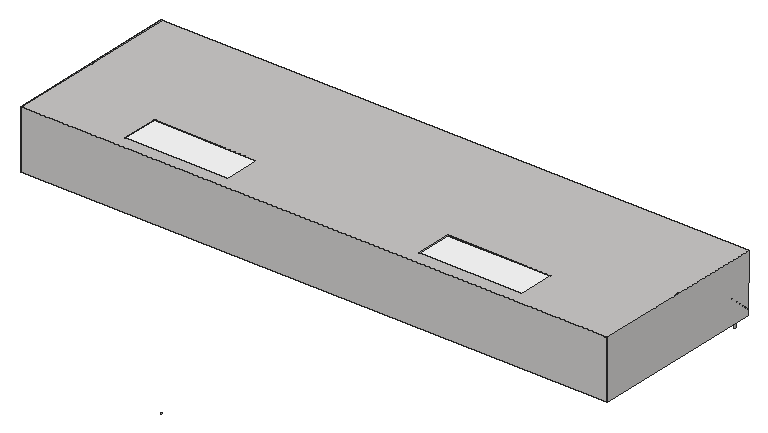
Revit family "QF_ELECTROLUXPROFESSIONAL_640195_EPF1240", category Attrezzature speciali, Revit 2021
Family settings
  Quota connettore circolare = Usa diametro
  Tipo di parte = Normale
  Basato su piano di lavoro = No
  Sempre verticale = Sì
  Taglio con vuoti quando caricato = No
  Condiviso = No
  Punto di calcolo locali = No
Parameters (values of type "Standard")
  Weight = 90.00 kg
  Watts = 0 W
  Volts = 0 V
  URL Manufacturer = "https://www.electroluxprofessional.com/"
  URL = "https://www.electroluxprofessional.com/"
  Steam Supply Size = 0 mm
  Steam Supply Minimum Pressure = 0.0 Pa
  Steam Supply Maximum Pressure = 0.0 Pa
  Steam Consumption per Hour = 0
  Refrigeration Suction Line Size = 0 mm
  Refrigeration Liquid Line Size = 0 mm
  Refrigerant Compressor Remote = yes
  Prospetto di default = 0 mm
  Produttore = "Electrolux Professional"
  Phase = 0
  Modello = "EPF1240"
  Length Actual = 4000 mm  # constant formula
  Item Number = "640195"
  Hot Water Size = 0 mm
  Height Actual = 400 mm  # constant formula
  HP = "0 HP"
  Gas Size = 0 mm
  Gas KW = 0
  Gas Input Pressure = 0 W
  Direct Waste Size = 0 mm
  Descrizione = "304 S/S WALL HOOD+FILTERS 400X120 CM"
  Depth Actual = 1200 mm  # constant formula
  Cycle = 0 Hz
  Condensate Return Size = 0 mm
  Compressed Air Volume = 0.0 L/s
  Compressed Air Size = 0 mm
  Compressed Air Pressure = 0.0 Pa
  Cold Water Size = 0 mm
  Accessory = yes
Reference planes
  plane 1: z = 0
  plane 2 "Center (Left/Right)": x = 150
  plane 3 "LEFT": x = -1850
  plane 4 "RIGHT": x = 2150
  plane 5 "BACK": y = 550
  plane 6 "TOP": z = 2400
  plane 7 "Base": z = 2000
  plane 8: z = 1970
  plane 9 "DrainY": y = 450
  plane 10: x = -1847
  plane 11: y = -320
  plane 12: y = -570
  plane 13 "DrainX": x = 2137
  plane 14 "AOLeft2": x = -500
  plane 15 "AORight1": x = 800
  plane 16: x = 2147
  plane 17: x = -1650
  plane 18: x = 1950
  plane 19 "Center (Front/Back)": y = -50
  plane 20 "Front": y = -650
  plane 21: through (0, -49.6, 2399.19) normal (0, -0.5736, 0.8192)
  plane 22: x = 50
  plane 23: x = 250
  plane 24 "AOLeft1": x = -1200
  plane 25 "AORight2": x = 1500
Forms (mm)
  Extrusion 1, solid, material "QF_Finishes_Stainless Steel"
    sketch origin (-1850, 0, 360) x (0, 1, 0) y (0, 0, 1)
      loop
        line (550, 1640) -> (550, 2040) -> (-650, 2040) -> (-650, 1640) -> (550, 1640)
    from 0 to 3
  Extrusion 2, solid, material "QF_Finishes_Stainless Steel"
    sketch origin (2150, 0, 360) x (0, 1, 0) y (0, 0, 1)
      loop
        line (550, 1640) -> (550, 2040) -> (-650, 2040) -> (-650, 1640) -> (550, 1640)
    from 0 to -3
  Extrusion 3, solid, material "QF_Finishes_Stainless Steel"
    sketch origin (150, 0, 360) x (0, 1, 0) y (0, 0, 1)
      loop
        line (-650, 2040) -> (-650, 1640) -> (-640, 1640) -> (-640, 1640.8) -> (-649.2, 1640.8) -> (-649.2, 2039.19) -> (549.2, 2039.19) -> (549.2, 1640.8) -> (540, 1640.8) -> (540, 1640) -> (550, 1640) -> (550, 2040) -> (-650, 2040)
    from -2000 to 2000
  Extrusion 4, solid, material "QF_Finishes_Stainless Steel"
    sketch origin (0, 0, 2000) x (0, 1, 0) y (-1, 0, 0)
      loop
        circle (450, -2137) r 4.763
    from -30 to 0
  Extrusion 5, void
    sketch origin (0, 0, 2400) x (0, 1, 0) y (-1, 0, 0)
      loop
        line (-320, 500) -> (-320, 1200) -> (-570, 1200) -> (-570, 500) -> (-320, 500)
    from 0 to -10
  Extrusion 6, solid, material "QF_Finishes_Stainless Steel"
    sketch origin (0, 0, 0) x (1, 0, 0) y (0, 1, 0)
      loop
        line (-1850, 550) -> (-1850, 549) -> (-1849, 549) -> (-1849, 550) -> (-1850, 550)
    from 0 to 1
  Extrusion 7, solid, material "QF_Finishes_Stainless Steel"
    sketch origin (150, 0, 360) x (0, 1, 0) y (0, 0, 1)
      loop
        line (-131.515, 1981.832) -> (-134.381, 1985.926) -> (-573.276, 1678.608) -> (-570.553, 1674.415) -> (-131.515, 1981.832)
    from -1800 to -1997
  Extrusion 8, solid, material "QF_Finishes_Stainless Steel"
    sketch origin (150, 0, 360) x (0, 1, 0) y (0, 0, 1)
      loop
        line (-650, 2039.19) -> (-650, 1640) -> (-619.702, 1640) -> (-570.553, 1674.415) -> (-578.723, 1686.995) -> (-579.394, 1686.559) -> (-571.645, 1674.627) -> (-619.955, 1640.8) -> (-649.2, 1640.8) -> (-649.2, 2039.19) -> (-650, 2039.19)
      loop
        line (-49.6, 2039.19) -> (-50.995, 2039.19) -> (-131.319, 1982.947) -> (-139.464, 1994.578) -> (-140.119, 1994.12) -> (-131.515, 1981.832) -> (-49.6, 2039.19)
    from -1997 to 1997
  Extrusion 9, solid, material "QF_Finishes_Stainless Steel"
    sketch origin (150, 0, 360) x (0, 1, 0) y (0, 0, 1)
      loop
        line (-131.515, 1981.832) -> (-134.381, 1985.926) -> (-573.276, 1678.608) -> (-570.553, 1674.415) -> (-131.515, 1981.832)
    from 1997 to 1800
  Extrusion 10, solid, material "QF_Finishes_Stainless Steel"
    sketch origin (150, 0, 360) x (0, 1, 0) y (0, 0, 1)
      loop
        line (-131.515, 1981.832) -> (-134.381, 1985.926) -> (-573.276, 1678.608) -> (-570.553, 1674.415) -> (-131.515, 1981.832)
    from -100 to 100
  Extrusion 11, solid, material "QF_Finished_Chrome"
    sketch origin (150, 0, 360) x (0, 1, 0) y (0, 0, 1)
      loop
        line (-131.515, 1981.832) -> (-134.381, 1985.926) -> (-573.276, 1678.608) -> (-570.553, 1674.415) -> (-131.515, 1981.832)
    from -1800 to -100
  Extrusion 12, solid, material "QF_Finished_Chrome"
    sketch origin (150, 0, 360) x (0, 1, 0) y (0, 0, 1)
      loop
        line (-131.515, 1981.832) -> (-134.381, 1985.926) -> (-573.276, 1678.608) -> (-570.553, 1674.415) -> (-131.515, 1981.832)
    from 100 to 1800
  Sweep 13, solid, material "QF_Finishes_Stainless Steel"
    path origin (0, 0, 0) x (1, 0, 0) y (0, 1, 0)
      loop
        line (2150, 550) -> (-1850, 550) -> (-1850, -650) -> (2150, -650) -> (2150, 550)
    profile origin (2150, -50, 0) x (1, 0, 0) y (0, 0, 1)
      loop
        line (-3, 2000) -> (-3, 2000.8) -> (-19, 2000.8) -> (-19, 2010) -> (-20, 2010) -> (-20, 2000) -> (-3, 2000)
  Extrusion 14, solid, material "QF_Finishes_Stainless Steel"
    sketch origin (150, 0, 0) x (0, 1, 0) y (0, 0, 1)
      loop
        line (549.2, 2040.8) -> (549.2, 2041.877) -> (289.521, 2275.693) -> (-43.438, 2399.19) -> (-45.739, 2399.19) -> (289.099, 2274.996) -> (549.2, 2040.8)
    from -1997 to 1997
  Extrusion 15, void
    sketch origin (1134.605, 0, 2400) x (0, 1, 0) y (-1, 0, 0)
      loop
        line (-320, -365.395) -> (-320, 334.605) -> (-570, 334.605) -> (-570, -365.395) -> (-320, -365.395)
    from 0 to -10
Cuts and joins
  Extrusion 5, Extrusion 15 cuts Extrusion 3
  joined: Extrusion 2, Extrusion 3, Sweep 13
Lines and regions (mm)
  symbolic lines, style "SpecialityEquipment", detail levels coarse
    curve 1: line (2150, 550, 2400) -> (-1850, 550, 2400)
    curve 2: line (-1850, 550, 2400) -> (-1850, -650, 2400)
    curve 3: line (2150, -650, 2400) -> (2150, 550, 2400)
    curve 4: line (-1850, 550, 0) -> (2150, -650, 0)
    curve 5: line (2150, 550, 0) -> (-1850, -650, 0)
    curve 6: line (-1850, -650, 0) -> (2150, -650, 0)
    curve 7: line (-500, -443.853, 0) -> (-1162.844, -443.853, 0)
    curve 8: line (-500, -570, 0) -> (-500, -443.853, 0)
    curve 9: line (-1162.844, -570, 0) -> (-500, -570, 0)
    curve 10: line (-1162.844, -443.853, 0) -> (-1162.844, -570, 0)
    curve 11: line (800, -443.853, 0) -> (800, -570, 0)
    curve 12: line (1462.844, -443.853, 0) -> (800, -443.853, 0)
    curve 13: line (1462.844, -570, 0) -> (1462.844, -443.853, 0)
    curve 14: line (800, -570, 0) -> (1462.844, -570, 0)
Dimensions and locks
  plane 3 "LEFT" to plane 4 "RIGHT" = 4000 mm
  equal spacing: plane 3 "LEFT", plane 2 "Center (Left/Right)", plane 4 "RIGHT"
  plane 7 "Base" to plane 8 = 30 mm
  plane 5 "BACK" to plane 9 "DrainY" = 100 mm  (x2)
  plane 3 "LEFT" to plane 10 = 3 mm
  plane 13 "DrainX" to plane 4 "RIGHT" = 13 mm
  plane 16 to plane 4 "RIGHT" = 3 mm
  plane 3 "LEFT" to plane 17 = 200 mm
  plane 18 to plane 4 "RIGHT" = 200 mm
  locked: plane 14 "AOLeft2" to plane 15 "AORight1" at 1300
  equal spacing: plane 14 "AOLeft2", plane 2 "Center (Left/Right)", plane 15 "AORight1"
  locked: plane 7 "Base" to level at 2000
  locked: plane 6 "TOP" to plane 7 "Base" at 400
  plane 5 "BACK" to plane 20 "Front" = 1200 mm  (x2)
  equal spacing: plane 5 "BACK", plane 19 "Center (Front/Back)", plane 20 "Front"
  locked: plane 22 to plane 23 at 200
  equal spacing: plane 22, plane 2 "Center (Left/Right)", plane 23
  plane 12 to plane 20 "Front" = 80 mm
  locked: plane 11 to plane 12 at 250
  locked: plane 24 "AOLeft1" to plane 14 "AOLeft2" at 700
  locked: plane 15 "AORight1" to plane 25 "AORight2" at 700
  aligned and locked: level to plane 1
  aligned and locked: plane 4 "RIGHT" to Extrusion 3
  aligned and locked: Extrusion 3 to plane 3 "LEFT"
  aligned and locked: Extrusion 5 to plane 12
  aligned and locked: Extrusion 5 to plane 11
  aligned and locked: Extrusion 7 to plane 10
  aligned and locked: Extrusion 7 to plane 17
  aligned and locked: Extrusion 2 to plane 16
  aligned and locked: plane 16 to Extrusion 9
  aligned and locked: plane 18 to Extrusion 9
  aligned and locked: plane 23 to Extrusion 10
  aligned and locked: Extrusion 10 to plane 22
  aligned and locked: plane 22 to Extrusion 11
  aligned and locked: Extrusion 11 to plane 17
  aligned and locked: Extrusion 12 to plane 23
  aligned and locked: Extrusion 12 to plane 18
  aligned and locked: Extrusion 14 to plane 10
  aligned and locked: plane 16 to Extrusion 14
  aligned and locked: Extrusion 8 to plane 10
  aligned and locked: plane 16 to Extrusion 8
  aligned and locked: Extrusion 5 to plane 24 "AOLeft1"
  aligned and locked: Extrusion 5 to plane 14 "AOLeft2"
  aligned and locked: plane 25 "AORight2" to Extrusion 15
  aligned and locked: plane 15 "AORight1" to Extrusion 15
Automatic sketch dimensions
  Extrusion 1 sketch curve to plane 7 "Base" = 0 mm
  Extrusion 1 sketch curve to plane 20 "Front" = 0 mm
  Extrusion 1 sketch curve to plane 5 "BACK" = 0 mm
  Extrusion 1 sketch curve to plane 6 "TOP" = 0 mm
  Extrusion 2 sketch curve to plane 7 "Base" = 0 mm
  Extrusion 2 sketch curve to plane 20 "Front" = 0 mm
  Extrusion 2 sketch curve to plane 5 "BACK" = 0 mm
  Extrusion 2 sketch curve to plane 6 "TOP" = 0 mm
  Extrusion 3 sketch curve to plane 6 "TOP" = 0 mm
  Extrusion 3 sketch curve to plane 20 "Front" = 0 mm
  Extrusion 3 sketch curve to plane 7 "Base" = 0 mm  (x2)
  Extrusion 3 sketch curve to plane 5 "BACK" = 0 mm
  plane 20 "Front" to Extrusion 3 sketch curve = 0.8 mm
  Extrusion 3 sketch curve to Extrusion 3 sketch curve = 9.2 mm
  plane 7 "Base" to Extrusion 3 sketch curve = 0.8 mm  (x2)
  Extrusion 3 sketch curve to plane 5 "BACK" = 10 mm
  Extrusion 3 sketch curve to plane 5 "BACK" = 0.8 mm
  Extrusion 3 sketch curve to plane 6 "TOP" = 0.81 mm
  Extrusion 4 sketch curve to plane 9 "DrainY" = 0 mm
  Extrusion 4 sketch curve to plane 13 "DrainX" = 0 mm
  Extrusion 5 sketch curve to plane 12 = 0 mm
  plane 11 to Extrusion 5 sketch curve = 0 mm
  Extrusion 5 sketch curve to plane 14 "AOLeft2" = 0 mm
  Extrusion 5 sketch curve to plane 24 "AOLeft1" = 0 mm
  Extrusion 6 sketch curve to plane 3 "LEFT" = 0 mm
  Extrusion 6 sketch curve to plane 5 "BACK" = 0 mm
  plane 3 "LEFT" to Extrusion 6 sketch curve = 1 mm
  Extrusion 6 sketch curve to Extrusion 6 sketch curve = 1 mm
  Extrusion 7 sketch curve to plane 21 = 0 mm  (x2)
  Extrusion 7 sketch curve to plane 12 = 3.276 mm
  Extrusion 7 sketch curve to plane 12 = 0.553 mm
  Extrusion 7 sketch curve to plane 6 "TOP" = 54.074 mm
  Extrusion 7 sketch curve to plane 19 "Center (Front/Back)" = 84.381 mm
  Extrusion 8 sketch curve to plane 20 "Front" = 0 mm
  Extrusion 8 sketch curve to plane 7 "Base" = 0 mm
  Extrusion 8 sketch curve to plane 21 = 0 mm  (x4)
  plane 20 "Front" to Extrusion 8 sketch curve = 0.8 mm
  Extrusion 8 sketch curve to Extrusion 8 sketch curve = 0.252 mm
  Extrusion 8 sketch curve to plane 12 = 9.394 mm
  Extrusion 8 sketch curve to Extrusion 8 sketch curve = 0.671 mm
  Extrusion 8 sketch curve to plane 12 = 1.645 mm
  Extrusion 8 sketch curve to plane 12 = 0.553 mm
  Extrusion 8 sketch curve to plane 6 "TOP" = 45.88 mm
  Extrusion 8 sketch curve to plane 19 "Center (Front/Back)" = 90.119 mm
  Extrusion 8 sketch curve to plane 6 "TOP" = 45.422 mm
  Extrusion 8 sketch curve to plane 6 "TOP" = 57.053 mm
  Extrusion 8 sketch curve to plane 6 "TOP" = 0.81 mm  (x2)
  plane 7 "Base" to Extrusion 8 sketch curve = 0.8 mm
  Extrusion 8 sketch curve to Extrusion 8 sketch curve = 0.212 mm
  Extrusion 9 sketch curve to plane 21 = 0 mm  (x2)
  Extrusion 9 sketch curve to plane 12 = 3.276 mm
  Extrusion 9 sketch curve to plane 12 = 0.553 mm
  Extrusion 9 sketch curve to plane 6 "TOP" = 54.074 mm
  Extrusion 9 sketch curve to plane 19 "Center (Front/Back)" = 84.381 mm
  Extrusion 10 sketch curve to plane 21 = 0 mm  (x2)
  Extrusion 10 sketch curve to plane 12 = 3.276 mm
  Extrusion 10 sketch curve to plane 12 = 0.553 mm
  Extrusion 10 sketch curve to plane 6 "TOP" = 54.074 mm
  Extrusion 10 sketch curve to plane 19 "Center (Front/Back)" = 84.381 mm
  Extrusion 11 sketch curve to plane 21 = 0 mm  (x2)
  Extrusion 11 sketch curve to plane 12 = 3.276 mm
  Extrusion 11 sketch curve to plane 12 = 0.553 mm
  Extrusion 11 sketch curve to plane 6 "TOP" = 54.074 mm
  Extrusion 11 sketch curve to plane 19 "Center (Front/Back)" = 84.381 mm
  Extrusion 12 sketch curve to plane 21 = 0 mm  (x2)
  Extrusion 12 sketch curve to plane 12 = 3.276 mm
  Extrusion 12 sketch curve to plane 12 = 0.553 mm
  Extrusion 12 sketch curve to plane 6 "TOP" = 54.074 mm
  Extrusion 12 sketch curve to plane 19 "Center (Front/Back)" = 84.381 mm
  Sweep 13 sketch curve to plane 3 "LEFT" = 0 mm
  Sweep 13 sketch curve to plane 4 "RIGHT" = 0 mm
  Sweep 13 sketch curve to plane 20 "Front" = 0 mm
  Sweep 13 sketch curve to plane 5 "BACK" = 0 mm
  profile plane to Sweep 13 sketch curve = 20 mm
  Sweep 13 sketch curve to Sweep 13 sketch curve = 1 mm
  profile plane to Sweep 13 sketch curve = 3 mm
  level to Sweep 13 sketch curve = 2000 mm
  Sweep 13 sketch curve to Sweep 13 sketch curve = 0.8 mm
  Sweep 13 sketch curve to Sweep 13 sketch curve = 9.2 mm
  Extrusion 14 sketch curve to plane 6 "TOP" = 0.81 mm  (x2)
  plane 19 "Center (Front/Back)" to Extrusion 14 sketch curve = 6.562 mm
  Extrusion 14 sketch curve to plane 9 "DrainY" = 160.901 mm
  Extrusion 14 sketch curve to Extrusion 14 sketch curve = 0.422 mm
  Extrusion 14 sketch curve to plane 5 "BACK" = 0.8 mm
  Extrusion 14 sketch curve to plane 6 "TOP" = 124.307 mm
  Extrusion 14 sketch curve to Extrusion 14 sketch curve = 0.697 mm
  plane 7 "Base" to Extrusion 14 sketch curve = 41.877 mm
  Extrusion 14 sketch curve to Extrusion 14 sketch curve = 1.077 mm
  Extrusion 14 sketch curve to Extrusion 14 sketch curve = 2.3 mm
  Extrusion 15 sketch curve to plane 12 = 0 mm
  plane 11 to Extrusion 15 sketch curve = 0 mm
  Extrusion 15 sketch curve to plane 15 "AORight1" = 700 mm
  plane 23 to Extrusion 15 sketch curve = 550 mm
  curve 2 to plane 3 "LEFT" = 0 mm
  curve 2 to plane 20 "Front" = 0 mm
  curve 3 to plane 4 "RIGHT" = 0 mm
  curve 3 to plane 20 "Front" = 0 mm
  curve 2 to plane 5 "BACK" = 0 mm
  curve 6 to plane 3 "LEFT" = 0 mm
  curve 4 to plane 3 "LEFT" = 0 mm
  curve 10 to plane 12 = 0 mm
  curve 8 to plane 14 "AOLeft2" = 0 mm
  curve 14 to plane 12 = 0 mm
  curve 14 to plane 15 "AORight1" = 0 mm
  curve 5 to plane 4 "RIGHT" = 0 mm
  curve 6 to plane 4 "RIGHT" = 0 mm
  curve 4 to plane 20 "Front" = 0 mm
  curve 4 to plane 5 "BACK" = 0 mm
  curve 5 to plane 5 "BACK" = 0 mm
  plane 24 "AOLeft1" to curve 10 = 37.156 mm
  curve 14 to plane 25 "AORight2" = 37.156 mm
  radius of Extrusion 4 sketch curve = 4.763 mm
Connectors
  piping at (2137, 450, 1970), diameter 9.5
    settings: on Extrusion 4, index 1, connector inside diameter 609.6 mm, connector length 0 mm, flow factor 0, pipe flow 0.0 L/s, pressure drop 0.0 Pa, fitting loss kfactor 0, connector angle 0.00°, fixture units 0, engagement length 0 mm, angle of deflection 0.00°, flow configuration 1, flow direction 2, fitting loss method 0, system type 16, joint type 0, gender type 0, connector reference index -1, connector utility 0, adjustable connector no, is connector primary yes, connector description "Drain"
  hvac at (-850, -445, 2400)
    settings: on Extrusion 5, index 2, duct flow 0.0 L/s, flow factor 0, pres drop 0.0 Pa, loss coef 0, conn angle 0.00°, conn width 250 mm, conn height 700 mm, conn diameter 609.6 mm, duct sys type 3, conn prof type 1, flow config 1, flow direction 2, loss method 0, conn ref index -1, conn util no, is conn primary yes, conn desc "EXHAUST OUTLET"
  hvac at (1150, -445, 2400)
    settings: on Extrusion 15, index 3, duct flow 0.0 L/s, flow factor 0, pres drop 0.0 Pa, loss coef 0, conn angle 0.00°, conn width 250 mm, conn height 700 mm, conn diameter 609.6 mm, duct sys type 3, conn prof type 1, flow config 1, flow direction 2, loss method 0, conn ref index -1, conn util no, is conn primary no, conn desc "EXHAUST OUTLET"
